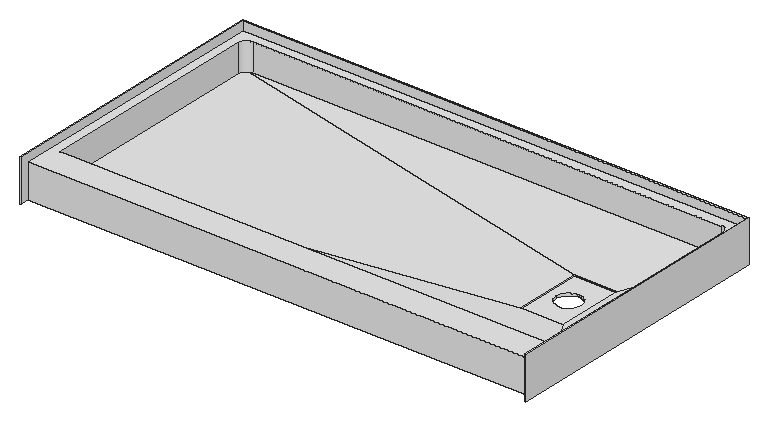
Revit family "P6032SQ.V2 L-R", category Plumbing Fixtures, Revit 2019
Family settings
  Round Connector Dimension = Use Diameter
  Part Type = Normal
  OmniClass Number = 23.45.05.14.17
  OmniClass Title = Showers
  Work Plane-Based = No
  Always vertical = Yes
  Cut with Voids When Loaded = No
  Shared = No
  Room Calculation Point = No
Parameters (values of type "P6032SQ.V2 L/R")
  Unit Width = 60"
  Unit Height = 5"
  Unit Depth = 33"
  URL = "http://www.bestbath.com/"
  Type Comments = "Remodeler"
  Model = "P6032SQ.V2 L/R"
  Material [instance] = Best Bath Gelcoat Fiberglass - RealTile
  Manufacturer = "Best Bath Systems, Inc."
  Keynote = "22 40 00.B3"
  Description = ""
  Assembly Code = "D2010710"
Reference planes (in)
  plane 1: z = 0
  plane 2 "Left": x = 0
  plane 3: z = 4
  plane 4: z = 5
  plane 5: y = 6.36165
  plane 6: y = 38.36165
  plane 7: x = 60
  plane 8: y = 37.11165
  plane 9: y = 22.36165
  plane 10: x = 51.5
  plane 11: z = 0.375
  plane 12: z = 0.75
  plane 13: z = 4
  plane 14: y = 5.36165
Forms (in)
  Extrusion 1, solid, material "Best Bath Gelcoat Fiberglass - Smooth"
    sketch origin (0, 0, 0) x (1, 0, 0) y (0, 1, 0)
      loop
        line (0, 6.36165) -> (60, 6.36165) -> (60, 38.36165) -> (0, 38.36165) -> (0, 6.36165)
      loop
        line (49, 26.36165) -> (49, 18.36165) -> (53.97344, 18.36165) -> (53.97344, 26.36165) -> (49, 26.36165)
    from 0 to 0.75
  Blend 2, void
    base sketch origin (0, 0, 0) x (1, 0, 0) y (0, 1, 0)
      loop
        line (1.25, 10.38049) -> (58.75, 10.38049) -> (58.75, 37.11165) -> (1.25, 37.11165) -> (1.25, 10.38049)
    top sketch origin (0, 0, 0) x (1, 0, 0) y (0, 1, 0)
      loop
        line (49, 26.36165) -> (49, 18.36165) -> (53.97344, 18.36165) -> (53.97344, 26.36165) -> (49, 26.36165)
    from 0.75 to 0.375
  Extrusion 3, solid, material "Best Bath Gelcoat Fiberglass - Smooth"
    sketch origin (0, 0, 0) x (1, 0, 0) y (0, 1, 0)
      loop
        line (0, 38.36165) -> (0, 6.36165) -> (1.25, 6.36165) -> (1.25, 36.11165)
        arc (1.25, 36.11165) -> (1.54289, 36.81875) -> (2.25, 37.11165) r 1
        line (2.25, 37.11165) -> (57.75, 37.11165)
        arc (57.75, 37.11165) -> (58.45711, 36.81875) -> (58.75, 36.11165) r 1
        line (58.75, 36.11165) -> (58.75, 6.36165) -> (60, 6.36165) -> (60, 37.11165) -> (60, 38.36165) -> (0, 38.36165)
    from 0 to 4
  Sweep 4, solid, material "Best Bath Gelcoat Fiberglass - Smooth"
    path origin (0, 0, 0) x (1, 0, 0) y (0, 1, 0)
      loop
        line (1.25, 6.36165) -> (58.75, 6.36165)
    profile origin (30, 6.36165, 0) x (0, 1, 0) y (0, 0, 1)
      loop
        line (0, 0) -> (4.15, 0) -> (3.35, 4) -> (0, 4) -> (0, 0)
  Extrusion 5, solid, material "Best Bath Gelcoat Fiberglass - Smooth"
    sketch origin (0, 0, 0) x (1, 0, 0) y (0, 1, 0)
      loop
        line (0, 38.36165) -> (0, 5.36165) -> (0.125, 5.36165) -> (0.125, 38.23665) -> (59.875, 38.23665) -> (59.875, 5.36165) -> (60, 5.36165) -> (60, 38.36165) -> (0, 38.36165)
    from 0 to 5
  Extrusion 6, solid, material "Best Bath Gelcoat Fiberglass - Smooth"
    sketch origin (0, 0, 0) x (1, 0, 0) y (0, 1, 0)
      loop
        line (49, 26.36165) -> (49, 18.36165) -> (53.97344, 18.36165) -> (53.97344, 26.36165) -> (49, 26.36165)
    from 0 to 0.25
  Extrusion 7, void
    sketch origin (0, 0, 0) x (1, 0, 0) y (0, 1, 0)
      loop
        circle (51.5, 22.36165) r 1.5
    from 0 to 0.5
Cuts and joins
  Blend 2 cuts Extrusion 1
  Extrusion 7 cuts Extrusion 6
  joined: Extrusion 1, Extrusion 3, Sweep 4, Extrusion 5, Extrusion 6
Dimensions and locks (in)
  locked: plane 4 to plane 3 at 1
  "Unit Height": plane 4 to level
  plane 2 "Left" to plane 10 to plane 7 = 51 1/2", 8 1/2" locked
  "Unit Width": plane 2 "Left" to plane 7
  plane 6 to plane 8 = 1 1/4"
  locked: plane 6 to plane 9 at 16
  locked: plane 12 to level at 0.75
  locked: plane 12 to plane 11 at 0.375
  locked: plane 13 to level at 4
  locked: plane 5 to plane 14 at 1
  "Unit Depth": plane 6 to plane 14
  aligned and locked: level to plane 1
  aligned and locked: Extrusion 1 sketch curve to plane 5
  aligned and locked: Extrusion 1 sketch curve to plane 2 "Left"
  aligned and locked: plane 6 to Extrusion 1 sketch curve
  aligned and locked: Extrusion 1 sketch curve to plane 7
  aligned and locked: plane 12 to Extrusion 1
  aligned and locked: Extrusion 1 to Blend 2  (x2)
  aligned and locked: Blend 2 to plane 11
  aligned and locked: plane 13 to Extrusion 3
  aligned and locked: plane 4 to Extrusion 5
Automatic sketch dimensions
  Blend 2 sketch curve to plane 8 = 0"
  plane 2 "Left" to Blend 2 sketch curve = 1 1/4"
  plane 7 to Blend 2 sketch curve = 1 1/4"
  plane 5 to Blend 2 sketch curve = 4.01884"
  Extrusion 3 sketch curve to plane 2 "Left" = 0"
  Extrusion 3 sketch curve to plane 5 = 0"  (x2)
  Extrusion 3 sketch curve to plane 8 = 0"  (x2)
  Extrusion 3 sketch curve to plane 7 = 0"
  Extrusion 3 sketch curve to plane 6 = 0"
  Extrusion 3 sketch curve to Extrusion 3 sketch curve = 1 1/4"
  Extrusion 3 sketch curve to Extrusion 3 sketch curve = 1"
  Extrusion 3 sketch curve to plane 8 = 1"
  plane 7 to Extrusion 3 sketch curve = 2 1/4"
  Sweep 4 sketch curve to plane 5 = 0"
  plane 2 "Left" to Sweep 4 sketch curve = 1 1/4"
  plane 7 to Sweep 4 sketch curve = 1 1/4"
  Sweep 4 sketch curve to profile plane = 0"
  Sweep 4 sketch curve to level = 0"
  Sweep 4 sketch curve to profile plane = 3.35"
  Sweep 4 sketch curve to Sweep 4 sketch curve = 0.8"
  level to Sweep 4 sketch curve = 4"
  Extrusion 1 sketch curve to plane 10 = 2 1/2"
  plane 10 to Extrusion 1 sketch curve = 2.47344"
  Extrusion 1 sketch curve to plane 9 = 4"
  plane 9 to Extrusion 1 sketch curve = 4"
  Blend 2 sketch curve to plane 10 = 2 1/2"
  plane 10 to Blend 2 sketch curve = 2.47344"
  Blend 2 sketch curve to plane 9 = 4"
  plane 9 to Blend 2 sketch curve = 4"
  Extrusion 6 sketch curve to plane 10 = 2 1/2"
  plane 10 to Extrusion 6 sketch curve = 2.47344"
  Extrusion 6 sketch curve to plane 9 = 4"
  plane 9 to Extrusion 6 sketch curve = 4"
  Extrusion 7 sketch curve to plane 9 = 0"
  Extrusion 7 sketch curve to plane 10 = 0"
  Extrusion 5 sketch curve to plane 2 "Left" = 0"
  Extrusion 5 sketch curve to plane 14 = 0"  (x2)
  Extrusion 5 sketch curve to plane 7 = 0"
  Extrusion 5 sketch curve to plane 6 = 0"
  plane 2 "Left" to Extrusion 5 sketch curve = 1/8"
  Extrusion 5 sketch curve to Extrusion 5 sketch curve = 1/8"
  Extrusion 5 sketch curve to plane 6 = 1/8"
  radius of Extrusion 7 sketch curve = 1 1/2"
